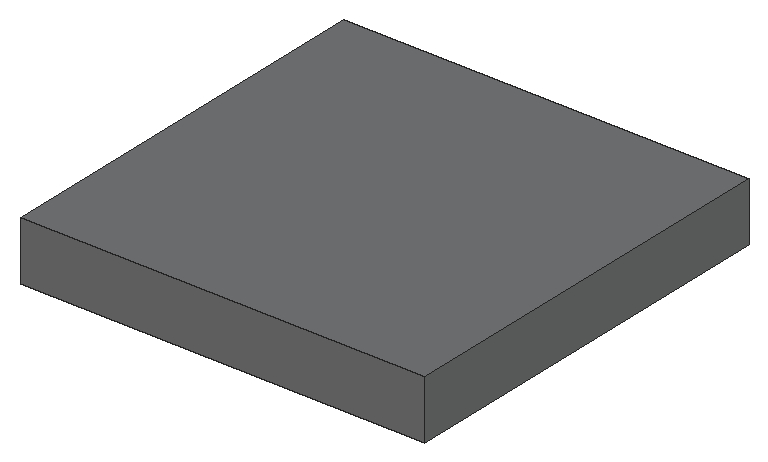
Revit family "Gira_5367005", category Electrical Fixtures, host Face, Revit 2017
Family settings
  Host = Face
  Maintain Annotation Orientation = No
  Round Connector Dimension = Use Diameter
  Part Type = Normal
  Cut with Voids When Loaded = No
  Shared = No
  Room Calculation Point = No
Parameters (values of type "S3000 Jal.- + Schaltuhr BT System 55 Schwarz m")
  Werkstoffgüte = "sonstige"
  Werkstoff = "sonstige"
  URL = "http://katalog.gira.de/de_DE/datenblatt.html?artikelnr=5367005"
  Transparent = "No"
  Region = "DE"
  Oberfläche = "sonstige"
  Name = "S3000 Jal.- + Schaltuhr BT System 55 Schwarz m"
  Mit LED-Anzeige = "No"
  Mit Abdeckung = "Yes"
  Manufacturer URL = "https://www.gira.de/"
  Keynote = "Sys55_Abdeckung_Schalten und Tasten"
  HeinzeBIM = "https://bimportal.heinze.de/bim/s3000-jal-schaltuhr-bt-system-55-schwarz-m/15c1aa41d804740b7427e883787f15ab55c27d9e"
  Halogenfrei = "Yes"
  HAN = "5367005"
  Geeignet für Schalteinsatz = "Yes"
  Geeignet für Jalousieeinsatz = "Yes"
  Geeignet für Dimmeinsatz = "No"
  GTIN = "4010337058809"
  Farbe = "schwarz"
  Default Elevation = 1219.2 mm
  Data sheet (1) = "https://katalog.gira.de/de_DE/download.html?artikelnr=5367005"
  Category = "Bedienelement intelligent"
  Available = "Yes"
  Ausführung der Oberfläche = "glänzend"
  Anzahl der Tasten = "2 "
  Anzahl der Betätigungspunkte = "4 "
  Anwendung = "Steuern elektrischer Verbraucher"
  Anthrazit [instance] = Anthrazit
Reference planes
  plane 1 "Center (Front/Back)": y = 0
  plane 2: z = 0
  plane 3 "Center (Left/Right)": x = 0
Forms (mm)
  Extrusion 1, solid, material "Anthrazit" <- "Anthrazit", detail levels fine
    sketch origin (0, 0, 0) x (1, 0, 0) y (0, 1, 0)
      loop
        line (-27.5, 27.5) -> (-27.5, -27.5) -> (27.5, -27.5) -> (27.5, 27.5) -> (-27.5, 27.5)
    from 0 to 8
  Extrusion 2, void
    sketch origin (0, 0, 0) x (1, 0, 0) y (0, 1, 0)
      loop
        line (26, 26) -> (-26, 26) -> (-26, -26) -> (26, -26) -> (26, 26)
    from 0 to 6
  Extrusion 3, solid, material "Anthrazit" <- "Anthrazit", detail levels medium
    sketch origin (0, 0, 0) x (1, 0, 0) y (0, 1, 0)
      loop
        line (-27.5, 27.5) -> (-27.5, -27.5) -> (27.5, -27.5) -> (27.5, 27.5) -> (-27.5, 27.5)
    from 0 to 8
  Extrusion 4, solid, material "Anthrazit" <- "Anthrazit", detail levels medium
    sketch origin (0, 0, 0) x (1, 0, 0) y (0, 1, 0)
      loop
        line (11, -17.5) -> (11, 17.5) -> (-11, 17.5) -> (-11, -17.5) -> (11, -17.5)
    from -6 to 6
  Extrusion 5, solid, material "Anthrazit" <- "Anthrazit", detail levels fine
    sketch origin (0, 0, 0) x (1, 0, 0) y (0, 1, 0)
      loop
        line (11, 17.5) -> (-11, 17.5) -> (-11, 16.5) -> (11, 16.5) -> (11, 17.5)
      loop
        line (-11, -16.5) -> (-11, -17.5) -> (11, -17.5) -> (11, -16.5) -> (-11, -16.5)
    from -4 to 6
  Extrusion 6, solid, material "Anthrazit" <- "Anthrazit", detail levels fine
    sketch origin (0, 0, 0) x (1, 0, 0) y (0, 1, 0)
      loop
        arc (5, 9.347) -> (0, 10.6) -> (-5, 9.347) r 10.6
        line (-5, 9.347) -> (-5, -9.347)
        arc (-5, -9.347) -> (0, -10.6) -> (5, -9.347) r 10.6
        line (5, -9.347) -> (5, 9.347)
    from -6 to 6
  Extrusion 7, solid, material "Anthrazit" <- "Anthrazit", detail levels coarse
    sketch origin (0, 0, 0) x (1, 0, 0) y (0, 1, 0)
      loop
        line (-27.5, 27.5) -> (-27.5, -27.5) -> (27.5, -27.5) -> (27.5, 27.5) -> (-27.5, 27.5)
    from -6 to 8
Cuts and joins
  Extrusion 2 cuts Extrusion 1
Dimensions and locks
  aligned and locked: plane 2 to host face
  aligned and locked: level to host face
